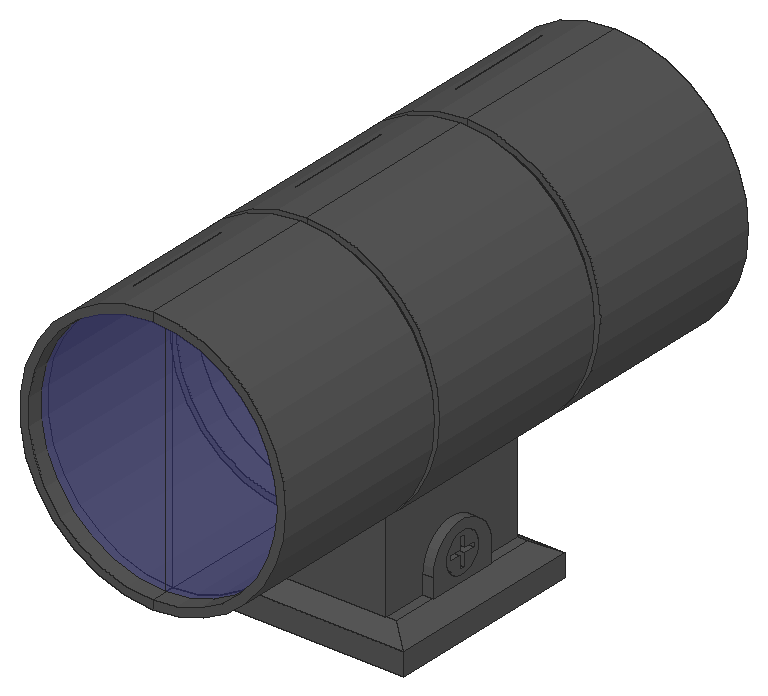
Revit family "CARLO CYLINDER LIGHT WALL MOUNT", category Lighting Fixtures, host Face, Revit 2020 (continued)
Types (10): name | Wattage_Input | Wattage Comments | Wattage | Photometric Web File | built-in parameter 1150142 | Model | built-in parameter 1150105 | Lumens | Light Length 1 | LIGHT RADIUS | LIGHT PLACEMENT | LIGHT LENGTH | LIGHT DIA | built-in parameter 1150106 | FIXED END HEIGHT | Curve base Height | Base Curve | BEAMING ANGLE | Apparent Load
    431 20.113 22.2 24.77 27.977 30.974 \r\n 36.843 49.327 65.588 84.306 104.67 125.18 146.56 169.86 192.68 212.36 \r\n 230.81 249.2 267.05 285.22 300.86 309.83 316.87 325.88 335.28 344.58 \r\n 354.3 365.1 376.1 386.54 396.8 407.04 417.17 427.17 437.02 446.56 \r\n 456.18 466.28 476.74 487.52 498.9 511.21 524.3 538.2 552.6 567.04 \r\n 582.02 598.17 614.56 630.33 645.95 661.72 677.34 692.41 707.5 723.27 \r\n 738.98 754.08 768.63 782.38 795.7 808.89 821.95 835.15 847.98 860 \r\n 871.28 881.56 891.38 901.49 911.07 919.44 926.93 933.38 939.6 946.59 \r\n 953.63 960.34 966.69 972.56 977.9 982.45 986.71 991.2 995.68 1000.2 \r\n 1004.5 1008 1011.2 1014.6 1017.7 1020.3 1021.6 1020.6 1018.2 1015.1 \r\n 1011.9 \r\n1006.9 1012.1 1011.7 1010.3 1007.8 1003.7 998.8 993.8 988.44 982.61 \r\n 976.68 970.97 965.61 961.03 956.64 951.88 947.02 942.04 937.1 932.44 \r\n 927.67 922.45 916.81 910.58 903.94 897.08 889.89 882.58 874.45 864.62 \r\n 853.81 842.4 830.61 818.97 806.96 794.11 780.82 767.42 753.59 739.07 \r\n 724.06 708.58 692.87 677.21 661.46 645.53 629.51 613.5 597.45 581.26 \r\n 565.26 549.75 534.72 520.29 506.39 492.96 480.17 468.17 457.02 447.09 \r\n 437.62 428.01 418.26 408.02 397.71 387.64 377.72 367.96 358.39 348.96 \r\n 339.97 331.83 324.13 316.48 309.16 303.56 295.96 282.04 265.07 246.94 \r\n 227.53 207.67 186.45 162.44 137.96 115.02 93.061 71.287 52.419 39.509 \r\n 30.765 26.029 23.446 20.958 19.013 17.375 16.036 14.928 13.983 13.098 \r\n 12.301 11.589 10.951 10.38 9.8618 9.3805 8.9376 8.5309 8.1547 7.7998 \r\n 7.4732 7.187 6.9162 6.6364 6.3582 6.0788 5.8146 5.5896 5.3777 5.1566 \r\n 4.9388 4.7282 4.5279 4.3475 4.1726 3.986 3.8059 3.6495 3.5015 3.3491 \r\n 3.202 3.0677 2.9403 2.8154 2.6955 2.579 2.4733 2.3895 2.3143 2.2335 \r\n 2.1604 2.1062 2.0636 2.0326 2.003 1.96 1.9178 1.8946 1.8652 1.8034 \r\n 1.731 1.6638 1.5935 1.5166 1.434 1.3417 1.2508 1.177 1.1017 1.0036 \r\n 0.90543 0.82786 0.7561 0.68064 0.60623 0.53255 0.46519 0.41455 0.36581 0.30213 \r\n 0.23999 0.19255 0.15288 0.11984 0.089183 0.052545 0.021239 0.0064836 0.00019662 0 \r\n 0.00010695 0.0040959 0.013108 0.028562 0.053399 0.096366 0.14147 0.16825 0.19888 0.25518 \r\n 0.31782 0.37076 0.426 0.49071 0.56327 0.64886 0.73429 0.79938 0.87041 0.97953 \r\n 1.089 1.1618 1.2281 1.3086 1.3949 1.493 1.5791 1.617 1.6496 1.7226 \r\n 1.7913 1.8155 1.828 1.8498 1.8765 1.9128 1.9515 1.9834 2.0273 2.1057 \r\n 2.1976 2.2856 2.3812 2.492 2.6117 2.7367 2.8658 2.9936 3.1282 3.2785 \r\n 3.436 3.5936 3.7557 3.9243 4.0998 4.2842 4.4749 4.6687 4.8692 5.0799 \r\n 5.2979 5.5193 5.7503 5.998 6.257 6.5249 6.7994 7.073 7.3586 7.6656 \r\n 7.9965 8.3543 8.7468 9.19 9.6624 10.122 10.646 11.322 12.069 12.801 \r\n 13.621 14.621 15.75 16.939 18.331 19.996 22.081 24.706 28.022 31.015 \r\n 37.302 51.592 69.591 88.529 108.54 128.55 149.44 172.47 195.42 216.21 \r\n 235.81 254.66 272.31 288.97 303.03 311.62 318.63 327.39 336.61 346.03 \r\n 355.88 366.53 377.37 387.89 398.24 408.36 418.34 428.23 438.02 447.64 \r\n 457.35 467.43 477.84 488.55 499.88 512.26 525.36 539.04 553.19 567.61 \r\n 582.59 598.66 614.98 630.75 646.41 662.2 677.88 693.08 708.32 724.28 \r\n 740.17 755.39 770.07 784.08 797.72 811.31 824.71 838.03 850.87 862.88 \r\n 874.11 884.34 894.08 904.01 913.4 921.64 929 935.26 941.26 947.99 \r\n 954.72 961.02 967.01 972.7 977.98 982.59 986.93 991.33 995.73 1000.3 \r\n 1004.7 1008.4 1011.6 1014.7 1017.4 1020 1021.5 1020.7 1018.5 1015.5 \r\n 1011.9 \r\n1006.9 1012.6 1012.6 1011.5 1009.3 1005.5 1000.9 996.04 990.74 985.03 \r\n 979.17 973.27 967.69 963.03 958.65 954.05 949.42 944.82 940.17 935.43 \r\n 930.52 925.39 919.93 913.96 907.64 901.11 894.26 887.32 879.5 869.76 \r\n 859.08 848.06 836.74 825.56 813.92 801.2 787.93 774.56 760.76 746.3 \r\n 731.39 716.14 700.72 685.48 670.08 654.15 638.03 621.94 605.85 589.71 \r\n 573.75 558.15 542.97 528.38 514.26 500.5 487.34 475 463.54 453.36 \r\n 443.62 433.5 423.27 412.87 402.43 392.05 381.72 371.43 361.31 351.38 \r\n 341.9 333.25 325.12 317.27 309.84 304.16 296.39 281.79 264.45 247.1 \r\n 229.07 211.2 191.67 167.9 142.97 119.07 96.312 75.126 56.7 42.424 \r\n 32.113 26.925 24.215 21.531 19.449 17.751 16.375 15.196 14.187 13.288 \r\n 12.484 11.729 11.048 10.463 9.9381 9.4462 8.9935 8.5794 8.1961 7.8325 \r\n 7.4985 7.2098 6.9393 6.6625 6.3879 6.1094 5.8453 5.6201 5.4081 5.1881 \r\n 4.9702 4.7541 4.549 4.3709 4.1988 4.0103 3.8259 3.6624 3.509 3.3602 \r\n 3.2165 3.0756 2.9404 2.8138 2.693 2.573 2.4633 2.3759 2.2986 2.2204 \r\n 2.1495 2.0894 2.0427 2.0206 2.0003 1.9542 1.9084 1.8905 1.8696 1.8193 \r\n 1.7547 1.6804 1.6023 1.5328 1.4578 1.3592 1.2615 1.1928 1.1242 1.0282 \r\n 0.92856 0.8414 0.76175 0.69349 0.62611 0.54373 0.46643 0.41702 0.37141 0.30666 \r\n 0.24212 0.1909 0.14872 0.11904 0.091674 0.051687 0.01675 0.0037579 0.00011668 0 \r\n 0.00016469 0.0077796 0.020192 0.035094 0.058734 0.10232 0.14866 0.17763 0.20921 0.26153 \r\n 0.31997 0.3733 0.42953 0.49248 0.56357 0.65102 0.73836 0.80267 0.87155 0.97652 \r\n 1.0829 1.1588 1.2278 1.3024 1.3835 1.4867 1.5791 1.6168 1.6482 1.7234 \r\n 1.7944 1.8187 1.83 1.8478 1.8712 1.9099 1.9515 1.985 2.0297 2.108 \r\n 2.1995 2.2881 2.3834 2.4905 2.6066 2.7318 2.8619 2.9893 3.1233 3.2742 \r\n 3.4319 3.5886 3.7488 3.9139 4.0862 4.27 4.4604 4.6517 4.85 5.061 \r\n 5.2793 5.4989 5.7271 5.9701 6.2257 6.496 6.7743 7.0506 7.3376 7.6442 \r\n 7.9724 8.3241 8.7085 9.1417 9.6054 10.064 10.585 11.247 11.979 12.7 \r\n 13.509 14.493 15.612 16.819 18.227 19.87 21.945 24.607 28.019 31.043 \r\n 37.735 53.62 73.142 92.267 111.95 131.46 151.83 174.49 197.52 219.47 \r\n 240.33 259.78 277.3 292.33 304.66 312.91 319.93 328.42 337.45 346.98 \r\n 356.97 367.47 378.16 388.8 399.28 409.33 419.18 428.98 438.75 448.47 \r\n 458.29 468.34 478.69 489.31 500.57 513 526.11 539.55 553.46 567.83 \r\n 582.8 598.77 615 630.76 646.45 662.27 678.02 693.35 708.77 724.92 \r\n 741 756.31 771.12 785.38 799.35 813.34 827.1 840.52 853.39 865.39 \r\n 876.6 886.82 896.49 906.22 915.38 923.49 930.71 936.78 942.55 949 \r\n 955.41 961.29 966.91 972.44 977.67 982.36 986.8 991.13 995.48 1000.2 \r\n 1004.7 1008.5 1011.9 1014.6 1017 1019.6 1021.3 1020.7 1018.8 1015.9 \r\n 1011.9 \r\n1006.9 1013 1013.4 1012.7 1010.8 1007.5 1003.2 998.4 993.18 987.63 \r\n 981.85 975.83 970.09 965.36 960.98 956.53 952.14 947.87 943.48 938.66 \r\n 933.64 928.59 923.31 917.63 911.65 905.42 898.87 892.22 884.64 875.02 \r\n 864.48 853.83 842.92 832.09 820.72 808.06 794.79 781.42 767.63 753.19 \r\n 738.35 723.27 708.09 693.21 678.1 662.16 645.94 629.79 613.65 597.57 \r\n 581.66 566.02 550.74 535.99 521.66 507.6 494.12 481.48 469.72 459.3 \r\n 449.26 438.63 427.91 417.32 406.71 395.98 385.22 374.43 363.76 353.3 \r\n 343.31 334.16 325.61 317.54 309.93 303.98 295.92 280.88 263.42 246.84 \r\n 230.06 213.99 196.03 172.65 147.51 122.82 99.385 78.859 60.945 45.46 \r\n 33.707 28.031 25.12 22.227 20.006 18.232 16.804 15.543 14.465 13.541 \r\n 12.718 11.916 11.19 10.584 10.047 9.5411 9.0761 8.6518 8.2591 7.8848 \r\n 7.5418 7.2477 6.975 6.7002 6.4285 6.1515 5.8875 5.6604 5.4463 5.2271 \r\n 5.0092 4.7881 4.578 4.4005 4.2297 4.0394 3.8515 3.6811 3.5221 3.3762 \r\n 3.2353 3.0881 2.9454 2.8168 2.6948 2.5716 2.4581 2.3665 2.2862 2.2102 \r\n 2.1409 2.0747 2.0233 2.0086 1.9965 1.9479 1.8991 1.8848 1.8708 1.8321 \r\n 1.7762 1.6953 1.6101 1.5483 1.4813 1.3775 1.2739 1.209 1.1459 1.0525 \r\n 0.95214 0.85574 0.76825 0.70652 0.64573 0.55568 0.46935 0.42017 0.37661 0.31134 \r\n 0.24515 0.19008 0.14507 0.11839 0.094099 0.051235 0.013108 0.0015126 0.000037 0 \r\n 0.00021318 0.010874 0.026145 0.040598 0.063233 0.10728 0.15461 0.18555 0.21796 0.2666 \r\n 0.32125 0.37525 0.43265 0.49371 0.5631 0.65217 0.7412 0.80471 0.87141 0.97189 \r\n 1.0751 1.1549 1.2273 1.2966 1.3726 1.4806 1.5791 1.6171 1.6479 1.7249 \r\n 1.7977 1.8227 1.8334 1.8477 1.8683 1.9094 1.9539 1.9887 2.034 2.1119 \r\n 2.2029 2.2921 2.3872 2.4907 2.6031 2.7285 2.8594 2.9866 3.1203 3.2713 \r\n 3.429 3.5846 3.7431 3.9051 4.0745 4.2577 4.4477 4.6372 4.8339 5.0456 \r\n 5.2645 5.4823 5.7078 5.9467 6.1996 6.4722 6.7542 7.033 7.3217 7.6285 \r\n 7.9551 8.3024 8.6807 9.1049 9.5612 10.021 10.542 11.192 11.909 12.624 \r\n 13.428 14.398 15.51 16.736 18.163 19.789 21.855 24.538 28.034 31.152 \r\n 38.226 55.354 76.047 95.32 114.75 133.85 153.78 176.04 199.04 222 \r\n 244 264.08 281.53 294.96 305.57 313.52 320.6 328.86 337.71 347.35 \r\n 357.47 367.87 378.47 389.25 399.89 409.91 419.69 429.46 439.23 449.08 \r\n 459.03 469.07 479.35 489.9 501.11 513.57 526.69 539.93 553.63 567.97 \r\n 582.93 598.79 614.93 630.69 646.41 662.29 678.11 693.6 709.2 725.52 \r\n 741.74 757.13 772.04 786.53 800.8 815.15 829.22 842.75 855.63 867.64 \r\n 878.82 889.03 898.64 908.14 917.04 924.98 932.04 937.93 943.46 949.61 \r\n 955.69 961.18 966.46 971.82 977 981.78 986.31 990.6 994.91 999.71 \r\n 1004.4 1008.4 1011.9 1014.4 1016.5 1019.1 1020.9 1020.6 1019 1016.3 \r\n 1011.9 \r\n1006.9 1013.5 1014.3 1014 1012.5 1009.4 1005.4 1000.9 995.85 990.45 \r\n 984.79 978.81 973.08 968.32 963.96 959.63 955.39 951.27 946.99 942.15 \r\n 937.09 932.13 927.04 921.74 916.17 910.21 903.86 897.33 889.87 880.46 \r\n 870.15 859.71 848.95 838.09 826.63 813.92 800.59 787.17 773.34 758.89 \r\n 744.06 729 713.86 699.05 683.97 667.95 651.62 635.37 619.15 603.03 \r\n 587.11 571.52 556.26 541.37 526.86 512.67 499.08 486.32 474.42 463.82 \r\n 453.55 442.61 431.59 420.86 410.11 399.1 388.01 376.87 365.82 354.85 \r\n 344.35 334.82 325.93 317.52 309.61 303.29 295.12 280.67 263.95 247.67 \r\n 231.24 215.92 198.77 176.06 151.33 126.4 102.65 82.377 64.591 48.436 \r\n 35.843 29.601 26.271 23.158 20.815 18.929 17.412 16.061 14.904 13.929 \r\n 13.064 12.211 11.438 10.798 10.235 9.7082 9.2255 8.7851 8.3781 7.9902 \r\n 7.6348 7.329 7.0476 6.7708 6.4998 6.2238 5.9594 5.7259 5.5054 5.2862 \r\n 5.0688 4.8435 4.6285 4.4473 4.2736 4.0824 3.8933 3.7182 3.5549 3.4092 \r\n 3.2684 3.1173 2.9701 2.8389 2.7148 2.5897 2.4737 2.3768 2.2916 2.2145 \r\n 2.144 2.0716 2.0147 2.0011 1.9913 1.9427 1.8935 1.8782 1.8654 1.8358 \r\n 1.7884 1.7053 1.6176 1.5628 1.5032 1.3992 1.2935 1.2285 1.166 1.0748 \r\n 0.97524 0.87347 0.78107 0.72262 0.66537 0.5718 0.48072 0.4294 0.38484 0.32031 \r\n 0.25431 0.19532 0.1467 0.12144 0.099021 0.054479 0.014131 0.0017598 0 0 \r\n 0.0002156 0.010993 0.026444 0.041148 0.064053 0.10834 0.15588 0.18705 0.2196 0.26801 \r\n 0.32247 0.37687 0.4346 0.49514 0.56404 0.6536 0.74301 0.80586 0.87118 0.96871 \r\n 1.07 1.1525 1.228 1.2961 1.3705 1.4796 1.5794 1.6171 1.6475 1.7249 \r\n 1.7981 1.8225 1.8326 1.8476 1.8691 1.9109 1.9562 1.9912 2.0367 2.1152 \r\n 2.2067 2.2966 2.392 2.4948 2.6064 2.7311 2.8619 2.99 3.1246 3.2755 \r\n 3.4326 3.5876 3.7454 3.9068 4.0757 4.2583 4.4482 4.6384 4.8365 5.0508 \r\n 5.2716 5.4879 5.7117 5.9516 6.206 6.4795 6.7627 7.0432 7.3345 7.6458 \r\n 7.9774 8.3295 8.712 9.1378 9.5976 10.07 10.604 11.256 11.977 12.712 \r\n 13.54 14.521 15.648 16.911 18.381 20.04 22.144 24.844 28.438 31.899 \r\n 39.352 56.721 77.585 96.962 116.46 135.7 155.62 177.41 199.97 223.05 \r\n 245.34 265.79 283.25 295.37 304.63 312.38 319.62 327.9 336.79 346.5 \r\n 356.72 367.25 378.01 388.96 399.76 409.94 419.87 429.74 439.62 449.65 \r\n 459.77 469.87 480.18 490.79 502.05 514.57 527.74 541.04 554.79 569.12 \r\n 584.06 599.91 616.06 631.91 647.76 663.74 679.69 695.36 711.12 727.52 \r\n 743.78 759.19 774.14 788.74 803.13 817.63 831.82 845.45 858.37 870.36 \r\n 881.46 891.54 900.97 910.18 918.77 926.45 933.25 938.8 944 949.83 \r\n 955.59 960.79 965.84 971.05 976.14 980.9 985.44 989.71 994.02 998.86 \r\n 1003.6 1007.9 1011.6 1014 1016.1 1018.7 1020.6 1020.5 1019 1016.4 \r\n 1011.9 \r\n1006.9 1014 1015.2 1015.3 1014.2 1011.4 1007.6 1003.4 998.69 993.44 \r\n 987.9 982.13 976.58 971.87 967.51 963.26 959.09 954.93 950.6 945.78 \r\n 940.78 935.89 930.98 926.13 921.01 915.28 909.03 902.46 894.99 885.88 \r\n 875.87 865.48 854.59 843.32 831.42 818.53 805.11 791.59 777.68 763.18 \r\n 748.29 733.11 717.82 702.77 687.46 671.3 654.85 638.48 622.15 605.88 \r\n 589.88 574.44 559.31 544.29 529.64 515.52 502.03 489.35 477.47 466.76 \r\n 456.36 445.33 434.24 423.45 412.61 401.41 390.11 378.83 367.56 356.13 \r\n 345.16 335.37 326.24 317.4 309.09 302.37 294.29 281.46 266.29 249.82 \r\n 232.75 217.09 199.93 178.11 154.35 129.79 106.1 85.615 67.525 51.225 \r\n 38.397 31.54 27.603 24.267 21.823 19.799 18.161 16.714 15.477 14.429 \r\n 13.5 12.594 11.775 11.092 10.491 9.937 9.4324 8.9715 8.5462 8.1425 \r\n 7.7723 7.4492 7.1535 6.871 6.5982 6.3227 6.0572 5.8133 5.5825 5.3626 \r\n 5.146 4.9179 4.6982 4.5093 4.329 4.1377 3.9496 3.7725 3.6064 3.4578 \r\n 3.3146 3.1623 3.0138 2.8794 2.7523 2.6268 2.5097 2.4068 2.3148 2.2335 \r\n 2.1588 2.0802 2.0171 1.9982 1.9851 1.9389 1.892 1.8712 1.8541 1.8305 \r\n 1.791 1.7104 1.625 1.5763 1.523 1.4233 1.3195 1.2507 1.184 1.0945 \r\n 0.99721 0.89423 0.80016 0.74158 0.68461 0.59178 0.50038 0.4447 0.39622 0.33359 \r\n 0.26954 0.20682 0.15401 0.12852 0.10664 0.061616 0.020011 0.0045912 0 0 \r\n 0.00017121 0.0080995 0.021 0.036571 0.060947 0.10523 0.15222 0.18184 0.21376 0.26545 \r\n 0.3234 0.37789 0.43506 0.49648 0.56611 0.65505 0.74349 0.80585 0.87067 0.96705 \r\n 1.0677 1.1516 1.2294 1.3007 1.3771 1.4832 1.5793 1.6164 1.6468 1.7232 \r\n 1.7953 1.8177 1.8273 1.8469 1.8731 1.914 1.9574 1.9916 2.0369 2.1169 \r\n 2.2102 2.3006 2.3966 2.5017 2.6152 2.7387 2.8682 2.9983 3.135 3.2853 \r\n 3.4414 3.5964 3.7547 3.918 4.0886 4.2708 4.4607 4.6542 4.8565 5.0749 \r\n 5.2987 5.5141 5.7374 5.9829 6.2429 6.5159 6.7978 7.0791 7.3737 7.6932 \r\n 8.036 8.4017 8.7986 9.2363 9.7103 10.205 10.763 11.431 12.175 12.956 \r\n 13.834 14.851 16.017 17.332 18.865 20.607 22.795 25.508 29.209 33.237 \r\n 41.047 57.667 77.721 97.15 117.03 136.95 157.34 178.63 200.38 222.66 \r\n 244.32 264.86 282.34 293.56 301.92 309.61 317.06 325.61 334.77 344.5 \r\n 354.78 365.68 376.84 387.96 398.92 409.42 419.7 429.81 439.91 450.17 \r\n 460.49 470.72 481.15 491.95 503.39 515.98 529.25 542.88 556.93 571.28 \r\n 586.21 602.14 618.42 634.45 650.49 666.66 682.78 698.63 714.51 730.88 \r\n 747.07 762.46 777.38 791.95 806.29 820.71 834.85 848.53 861.52 873.44 \r\n 884.41 894.25 903.38 912.26 920.48 927.81 934.24 939.37 944.14 949.62 \r\n 955.11 960.13 965.05 970.13 975.1 979.73 984.18 988.45 992.79 997.62 \r\n 1002.4 1006.9 1010.8 1013.5 1015.7 1018.4 1020.3 1020.3 1018.8 1016.3 \r\n 1011.9 \r\n1006.9 1014.5 1016.1 1016.5 1015.8 1013.3 1009.8 1005.9 1001.5 996.4 \r\n 990.99 985.48 980.16 975.51 971.16 966.97 962.82 958.56 954.13 949.33 \r\n 944.41 939.56 934.79 930.35 925.64 920.06 913.85 907.14 899.59 890.76 \r\n 881.04 870.64 859.54 847.75 835.32 822.21 808.67 795.03 781.03 766.45 \r\n 751.48 736.14 720.62 705.27 689.67 673.36 656.82 640.35 623.92 607.51 \r\n 591.43 576.15 561.2 546.1 531.36 517.36 504.04 491.5 479.72 468.94 \r\n 458.44 447.41 436.31 425.49 414.59 403.27 391.82 380.47 369.06 357.25 \r\n 345.87 335.88 326.54 317.3 308.59 301.45 293.48 282.45 268.95 252.17 \r\n 234.22 217.84 200.34 179.37 156.72 132.72 109.29 88.552 70.089 53.757 \r\n 40.829 33.4 28.87 25.331 22.797 20.638 18.883 17.347 16.037 14.914 \r\n 13.921 12.968 12.11 11.383 10.744 10.164 9.6386 9.1577 8.7147 8.2965 \r\n 7.9124 7.5719 7.2612 6.9724 6.6972 6.422 6.1553 5.9006 5.659 5.4382 \r\n 5.2225 4.9923 4.7685 4.5714 4.3838 4.1927 4.0064 3.8283 3.6601 3.508 \r\n 3.3615 3.2088 3.06 2.9227 2.7926 2.6671 2.5491 2.4406 2.3417 2.2555 \r\n 2.1761 2.0915 2.0222 1.9966 1.9786 1.9353 1.8913 1.8641 1.8414 1.8228 \r\n 1.7905 1.7135 1.6315 1.5884 1.5407 1.4465 1.3454 1.2719 1.2 1.1121 \r\n 1.0176 0.91471 0.81989 0.76009 0.70236 0.61155 0.52121 0.46067 0.40752 0.34708 \r\n 0.28554 0.21968 0.16303 0.13672 0.11479 0.069744 0.027314 0.0081895 0 0 \r\n 0.00011541 0.0045106 0.014155 0.030446 0.056269 0.10038 0.14657 0.17423 0.20528 0.26073 \r\n 0.32276 0.37752 0.43415 0.49636 0.56658 0.65463 0.74193 0.80381 0.86829 0.96392 \r\n 1.0644 1.1496 1.2296 1.3048 1.3836 1.4862 1.5779 1.6148 1.6457 1.7212 \r\n 1.792 1.8129 1.8225 1.8473 1.8784 1.9182 1.9594 1.9922 2.0367 2.1177 \r\n 2.2124 2.3029 2.3994 2.5069 2.6223 2.7445 2.8726 3.0046 3.1434 3.2929 \r\n 3.4479 3.6026 3.7615 3.9272 4.1001 4.282 4.472 4.6687 4.8752 5.0978 \r\n 5.3246 5.5393 5.7624 6.0138 6.2794 6.5515 6.8314 7.1129 7.4105 7.7376 \r\n 8.0914 8.4715 8.8839 9.3345 9.8234 10.341 10.923 11.607 12.374 13.203 \r\n 14.132 15.186 16.388 17.75 19.341 21.165 23.433 26.146 29.932 34.518 \r\n 42.605 58.16 77.1 96.526 116.86 137.6 158.6 179.49 200.42 221.65 \r\n 242.41 262.88 280.41 291.03 298.81 306.48 314.13 
